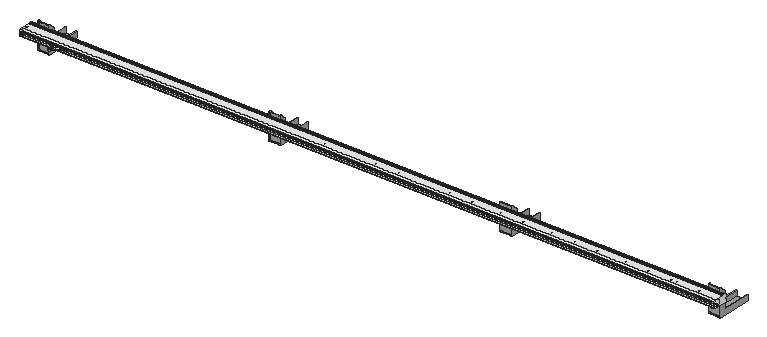
Revit family "FallProtection_RigidRail_Kattsafe_FloorMount_200", category Specialty Equipment, Revit 2025
Family settings
  Round Connector Dimension = Use Diameter
  Part Type = Normal
  OmniClass Number = 23.27.71.21
  Enable Cutting in Views = No
  Cut with Voids When Loaded = No
  Maintain Annotation Orientation = No
  Shared = No
  Room Calculation Point = No
Parameters (values of type "Type 1")
  Uniclass2015Version = "Products v1.23"
  Uniclass2015Title = "Fall arrester devices"
  Uniclass2015Code = "Pr_40_70_75_29"
  URL = "https://kattsafe.com.au/"
  Type IFC Predefined Type = "USERDEFINED"
  Type Comments = "Rigid Rail - Floor Mount - 200mm"
  TrolleyType [instance] = Trolley_Kattsafe : Single Trolley (OH260)
  SupportExtra [instance] = ActualStartSupportInset + ActualFirstSupportSpacing + ((SupportCount - 1) * ActualSupportSpacing) < [built-in parameter 1001306] - 400 mm  # yes
  SupportCount [instance] = roundup(([built-in parameter 1001306] - ActualStartSupportInset - ActualFirstSupportSpacing) / ActualSupportSpacing)  # 2
  SupportArrayCountCalc [instance] = if(SupportCount < 2, 2, SupportCount)  # 2
  SupportArray [instance] = [built-in parameter 1001306] > ActualStartSupportInset + ActualFirstSupportSpacing + ActualSupportSpacing  # yes
  ShowRailJoinSupportZones [instance] = yes
  SafetyDisclaimer [instance] = "WARNING! The correct placement of access, fall protection and facade maintenance systems is critical to ensure it is fit-for-purpose and safe for the operator to use. Did you know Kattsafe® have a dedicated team of Height Safety System Design Specialists? Kattsafe® provide one-on-one consultation and system design assistance to ensure you are meeting the stringent requirements of height safety and to give you PEACE OF MIND with your project."  # constant formula
  RailJoinSupportZoneSingle [instance] = and(ShowRailJoinSupportZones, [built-in parameter 1001306] > 6500 mm, [built-in parameter 1001306] < 12500 mm)  # no
  RailJoinSupportZoneArray [instance] = and(ShowRailJoinSupportZones, [built-in parameter 1001306] > 12500 mm)  # no
  ManufacturerOverallDepth = BracketDepth + 130 mm  # 430 mm
  SecondSupportSingleCalc [instance] = not(SupportArray)  # no
  InternalRailJoinsCalc [instance] = if(InternalRailJoins < 2, 2, InternalRailJoins)  # 2
  InternalRailJoins [instance] = if(1 = 1, roundup(([built-in parameter 1001306] - 500 mm) / 6000 mm) - 1, 0)  # 0
  Export Type to IFC As = "IfcBuildingElementProxy"
  ElementType = "Fall Protection"
  Description = "Rigid rails provide significant spanning capabilities, making them very versatile where there are limited support structures. The high strength aluminium construction, along with the unique t-bolt assembly makes it a very simple and easily adaptable system to install."  # constant formula
  Default Elevation = 0 mm
  BracketDepth = 300 mm  # constant formula
  Assembly Code = "E1090100"
  ActualFirstSupportSpacing [instance] = if(DesiredFirstSupportSpacing < 100 mm, 100 mm, if(DesiredFirstSupportSpacing > [built-in parameter 1001306] - ActualStartSupportInset * 2, [built-in parameter 1001306] - ActualStartSupportInset * 2, if(DesiredFirstSupportSpacing > MaximumSpan, MaximumSpan, DesiredFirstSupportSpacing)))  # 2000 mm
  DesiredFirstSupportSpacing [instance] = 2000 mm
  ActualRailCentreOffset [instance] = if(DesiredRailCentreOffset < 149 mm, 149 mm, if(DesiredRailCentreOffset > 201 mm, 201 mm, DesiredRailCentreOffset))  # 175 mm
  ModifiedIssue = 20240430
  Model = "OH8"
  MaximumSpan [instance] = if(ActualUsersPerSpan = 1, 4000 mm, if(ActualUsersPerSpan = 2, 3200 mm, if(ActualUsersPerSpan = 3, 2500 mm, 2000 mm)))  # 4000 mm
  Material = Aluminum_Kattsafe_Satin
  ManufacturerURLProductSpecific = "https://kattsafe.com.au/products/rigid-rails/rigid-130-rail/Rigid-130-rail-side-floor-mount-200mm-OH8"
  ManufacturerSpecCode = Model  # "OH8"
  ManufacturerOverallLength [instance] = if(1 = 1, [built-in parameter 1001306], 0 mm)  # 6000 mm
  ManufacturerOverallHeight = 230 mm  # constant formula
  ManufacturerHeightFromFFL [instance] = 0 mm
  Manufacturer = "Kattsafe®"  # constant formula
  built-in parameter 1001306 [instance] = 6000 mm
  IfcExportType = "USERDEFINED"
  IfcExportAs = "IfcBuildingElementProxy"
  End2Capped [instance] = no
  End1Capped [instance] = no
  DesiredUsersPerSpan [instance] = 1
  DesiredSupportSpacing [instance] = 2000 mm
  DesiredStartSupportInset [instance] = 100 mm
  DesiredRailCentreOffset [instance] = 175 mm
  CreatedByURL = "https://igsgroup.com.au"
  CreatedBy = "IGS BIM Solutions"  # constant formula
  ActualUsersPerSpan [instance] = if(DesiredUsersPerSpan < 1, 1, if(DesiredUsersPerSpan > 4, 4, DesiredUsersPerSpan))  # 1
  ActualSupportSpacing [instance] = if(DesiredSupportSpacing < 100 mm, 100 mm, if(DesiredSupportSpacing > MaximumSpan, MaximumSpan, DesiredSupportSpacing))  # 2000 mm
  ActualStartSupportInset [instance] = if(DesiredStartSupportInset > 400 mm, 400 mm, if(DesiredStartSupportInset < 50 mm, 50 mm, DesiredStartSupportInset))  # 100 mm
Reference planes
  plane 1 "RailBack": y = 0
  plane 2 "BottomReference": z = 0
  plane 3 "Left": x = 0
  plane 4 "Right": x = 6000
  plane 5 "Bottom": z = 0
  plane 6 "RailFront": y = -130
  plane 7 "1stSupport": x = 100
  plane 8 "2ndSupport": x = 2100
  plane 9 "3rdSupport": x = 4100
  plane 10 "ExtraSupport": x = 5900
  plane 11 "RailCentre": z = 175
  plane 12 "Back": y = 300
  plane 13 "Trolley": x = 300
  plane 14 "Top": z = 230
  plane 15 "RailCentre(Front/Back)": y = -65
  plane 16 "RailJoin1": x = 6000
  plane 17 "RailJoin2": x = 12000
Forms (mm)
  Sweep 1, solid, material "Aluminum_Kattsafe_Satin" <- "Material"
    path origin (0, 0, 175) x (-1, 0, 0) y (0, -1, 0)
      loop
        line (0, 130) -> (-6000, 130)
    profile "Z_Fallprotection_Kattsafe_Rigidrail_130 : Type 1" origin (3000, -130, 175) x (0, 1, 0) y (0, 0, 1)
      loop
        line (25.1, -30) -> (94.75, -30) -> (94.75, -23) -> (106.75, -23) -> (106.75, -30) -> (117, -30) -> (117, -24) -> (124, -24) -> (124, -30) -> (130, -30) -> (130, -10.5) -> (124, -10.5) -> (124, -16.5) -> (117, -16.5) -> (117, -10.5) -> (114, -10.5) -> (114, 10.5) -> (117, 10.5) -> (117, 16.5) -> (124, 16.5) -> (124, 10.5) -> (130, 10.5) -> (130, 30) -> (124, 30) -> (124, 24) -> (117, 24) -> (117, 30) -> (106.75, 30) -> (106.75, 23) -> (94.75, 23) -> (94.75, 30) -> (25.1, 30) -> (3.706, 24.267)
        arc (3.706, 24.267) -> (1.033, 22.482) -> (0, 19.438) r 5
        line (0, 19.438) -> (0, 9.025) -> (4, 9.025) -> (4, 17.903)
        arc (4, 17.903) -> (4.62, 19.729) -> (6.224, 20.801) r 3
        line (6.224, 20.801) -> (25.627, 26) -> (55, 26)
        arc (55, 26) -> (58.536, 24.536) -> (60, 21) r 5
        line (60, 21) -> (60, -21)
        arc (60, -21) -> (58.536, -24.536) -> (55, -26) r 5
        line (55, -26) -> (25.627, -26) -> (6.224, -20.801)
        arc (6.224, -20.801) -> (4.62, -19.729) -> (4, -17.903) r 3
        line (4, -17.903) -> (4, -9.025) -> (0, -9.025) -> (0, -19.438)
        arc (0, -19.438) -> (1.033, -22.482) -> (3.706, -24.267) r 5
        line (3.706, -24.267) -> (25.1, -30)
Lines and regions (mm)
  reference lines
    curve 1: line (0, 0, 0) -> (6000, 0, 0)
Text (mm)
  text "Disclaimer:\nDue to ongoing product development and manufacturing \nevolution, product details are subject to change without \nnotice. Please refer to product technical data sheets on \nthe manufacturers website for the most current product \ninformation. Please allow a +/- 5mm manufacturing \ntolerance for dimensions and set-outs shown in product \nliterature." at (9794.221, -1431.406, 0), in view "Ref. Level"
Dimensions and locks
  "built-in parameter 1001306": plane 3 "Left" to plane 4 "Right"
  "ManufacturerHeightFromFFL": plane 5 "Bottom" to plane 2 "BottomReference"
  locked: plane 1 "RailBack" to plane 6 "RailFront" at 130
  "ActualStartSupportInset": plane 7 "1stSupport" to plane 3 "Left"
  "ActualFirstSupportSpacing": plane 8 "2ndSupport" to plane 7 "1stSupport"
  "ActualSupportSpacing": plane 9 "3rdSupport" to plane 8 "2ndSupport"
  group 1 to group 2 = 2000 mm
  group 1 to group 2 = 0 mm  (x2)
  "ActualStartSupportInset": plane 4 "Right" to plane 10 "ExtraSupport"
  "ActualRailCentreOffset": plane 11 "RailCentre" to plane 5 "Bottom"
  "BracketDepth": plane 12 "Back" to plane 1 "RailBack"
  locked: plane 3 "Left" to plane 13 "Trolley" at 300
  "ManufacturerOverallHeight": plane 14 "Top" to plane 5 "Bottom"
  group 3 to group 4 = 6000 mm
  group 4 to group 3 = 0 mm
  group 3 to group 4 = 0 mm
  equal spacing: plane 6 "RailFront", plane 15 "RailCentre(Front/Back)", plane 1 "RailBack"
  plane 17 "RailJoin2" to plane 16 "RailJoin1" to plane 3 "Left" = 6000 mm locked, 6000 mm locked
  aligned and locked: plane 4 "Right" to curve 1
  aligned and locked: plane 1 "RailBack" to curve 1
  aligned and locked: plane 3 "Left" to curve 1
  aligned and locked: level to plane 2 "BottomReference"
  aligned and locked: plane 3 "Left" to Sweep 1 sketch curve
  aligned and locked: plane 4 "Right" to Sweep 1 sketch curve
  aligned and locked: Sweep 1 sketch curve to plane 6 "RailFront"
  aligned and locked: plane 9 "3rdSupport" to nested 3
  aligned and locked: nested 1 to plane 5 "Bottom"
  aligned and locked: plane 5 "Bottom" to nested 4
  aligned and locked: plane 5 "Bottom" to nested 2
  aligned and locked: plane 5 "Bottom" to nested 3
  aligned and locked: plane 5 "Bottom" to nested 5
  aligned and locked: nested 1 to plane 7 "1stSupport"
  aligned and locked: nested 2 to plane 8 "2ndSupport"
  aligned and locked: nested 4 to plane 8 "2ndSupport"
  aligned and locked: nested 5 to plane 10 "ExtraSupport"
  aligned and locked: nested 1 to plane 1 "RailBack"
  aligned and locked: nested 4 to plane 1 "RailBack"
  aligned and locked: nested 2 to plane 1 "RailBack"
  aligned and locked: nested 3 to plane 1 "RailBack"
  aligned and locked: nested 5 to plane 1 "RailBack"
  aligned and locked: plane 11 "RailCentre" to nested 6
  aligned and locked: nested 7 to plane 11 "RailCentre"
  aligned and locked: nested 7 to plane 1 "RailBack"
  aligned and locked: nested 6 to plane 1 "RailBack"
  aligned and locked: nested 8 to plane 6 "RailFront"
  aligned and locked: plane 13 "Trolley" to nested 8
  aligned and locked: plane 15 "RailCentre(Front/Back)" to nested 9
  aligned and locked: plane 15 "RailCentre(Front/Back)" to nested 10
  aligned and locked: plane 15 "RailCentre(Front/Back)" to nested 11
  aligned and locked: nested 9 to plane 11 "RailCentre"
  aligned and locked: nested 10 to plane 11 "RailCentre"
  aligned and locked: nested 11 to plane 11 "RailCentre"
  aligned and locked: plane 17 "RailJoin2" to nested 11
  aligned and locked: plane 16 "RailJoin1" to nested 10
  aligned and locked: plane 16 "RailJoin1" to nested 9
Nested families
  nested 1: "Z_Mount_Kattsafe_Rigidrail_Floor" at (100, 300, 0) x (-1, 0, 0) z (0, 0, 1), type "Type 1"
    with ManufacturerHeightFromFFL 0 mm
  nested 2: "Z_Mount_Kattsafe_Rigidrail_Floor" at (2100, 300, 0) x (-1, 0, 0) z (0, 0, 1), visible <- "SupportArray", type "Type 1"
    with ManufacturerHeightFromFFL 0 mm
  nested 3: "Z_Mount_Kattsafe_Rigidrail_Floor" at (4100, 300, 0) x (-1, 0, 0) z (0, 0, 1), visible <- "SupportArray", type "Type 1"
    with ManufacturerHeightFromFFL 0 mm
  nested 4: "Z_Mount_Kattsafe_Rigidrail_Floor" at (2100, 300, 0) x (-1, 0, 0) z (0, 0, 1), visible <- "SecondSupportSingleCalc", type "Type 1"
    with ManufacturerHeightFromFFL 0 mm
  nested 5: "Z_Mount_Kattsafe_Rigidrail_Floor" at (5900, 300, 0) x (-1, 0, 0) z (0, 0, 1), visible <- "SupportExtra", type "Type 1"
    with ManufacturerHeightFromFFL 0 mm
  nested 6: "Z_Kattsafe_Rigidrail_130_Endcap" at (0, -130, 175) x (0, 0, 1) z (-1, 0, 0), visible <- "End1Capped", type "Type 1"
  nested 7: "Z_Kattsafe_Rigidrail_130_Endcap" at (6000, -130, 175) x (0, 0, -1) z (1, 0, 0), visible <- "End2Capped", type "Type 1"
  nested 8: "Trolley_Kattsafe" at (300, -130, 175), type <- "TrolleyType", type "Single Trolley (OH260)"
  nested 9: "z_Clearance_Kattsafe_RailJoin" at (6000, -65, 175), visible <- "RailJoinSupportZoneSingle", type "Type 1"
  nested 10: "z_Clearance_Kattsafe_RailJoin" at (6000, -65, 175), visible <- "RailJoinSupportZoneArray", type "Type 1"
  nested 11: "z_Clearance_Kattsafe_RailJoin" at (12000, -65, 175), visible <- "RailJoinSupportZoneArray", type "Type 1"
Definition of nested family "Z_Mount_Kattsafe_Rigidrail_Floor"
  Parameters (values of type "Type 1")
    URL = "https://kattsafe.com.au/"
    Thickness = if([100Bracket], 10 mm, 6 mm)  # 6 mm
    OuterRadiusCalc = Thickness * 2  # 12 mm
    ManufacturerOverallWidth = 100 mm  # constant formula
    ManufacturerOverallHeight = if([100Bracket], 105 mm, 230 mm)  # 230 mm
    ManufacturerOverallDepth = if([100Bracket], 105 mm, 300 mm)  # 300 mm
    ManufacturerHeightFromFFL [instance] = 0 mm  # constant formula
    Manufacturer = "SAYFA"  # constant formula
    Default Elevation = 1219.2 mm
    CreatedByURL = "https://igsgroup.com.au"
    CreatedBy = "IGS BIM Solutions"  # constant formula
    200Bracket = not([100Bracket])  # yes
    100Bracket = no
  Reference planes
    plane 1 "Centre (Front/Back)": y = 150
    plane 2 "Ref. Level": z = 0
    plane 3 "Centre (Left/Right)": x = 0
    plane 4 "Back": y = 300
    plane 5 "Front": y = 0
    plane 6 "Right": x = 50
    plane 7 "Left": x = -50
    plane 8 "Bottom": z = 0
    plane 9 "Centre (Elevation)": z = 115
    plane 10 "Top": z = 230
  Forms (mm)
    Extrusion 1, solid, visible <- "100Bracket"
      sketch origin (0, 0, 0) x (0, 1, 0) y (0, 0, 1)
        loop
          line (300, 230) -> (294, 230) -> (294, 12)
          arc (294, 12) -> (292.243, 7.757) -> (288, 6) r 6
          line (288, 6) -> (0, 6) -> (0, 0) -> (288, 0)
          arc (288, 0) -> (296.485, 3.515) -> (300, 12) r 12
          line (300, 12) -> (300, 230)
      from -50 to 50
    Extrusion 2, void
      sketch origin (0, 150, 0) x (1, 0, 0) y (0, 0, 1)
        loop
          line (-50, 230) -> (-50, 220)
          arc (-50, 220) -> (-47.071, 227.071) -> (-40, 230) r 10
          line (-40, 230) -> (-50, 230)
        loop
          line (50, 230) -> (40, 230)
          arc (40, 230) -> (47.071, 227.071) -> (50, 220) r 10
          line (50, 220) -> (50, 230)
      from -150 to -144
    Extrusion 3, void
      sketch origin (0, 0, 0) x (0, -1, 0) y (1, 0, 0)
        loop
          line (-10, -50) -> (0, -50) -> (0, -40)
          arc (0, -40) -> (-2.929, -47.071) -> (-10, -50) r 10
        loop
          arc (-10, 50) -> (-2.929, 47.071) -> (0, 40) r 10
          line (0, 40) -> (0, 50) -> (-10, 50)
      from 0 to 6
    Extrusion 4, solid, visible <- "200Bracket"
      sketch origin (0, 0, 0) x (0, 1, 0) y (0, 0, 1)
        loop
          line (300, 230) -> (288, 230) -> (250, 192) -> (250, 50) -> (0, 50) -> (0, 0) -> (288, 0)
          arc (288, 0) -> (296.485, 3.515) -> (300, 12) r 12
          line (300, 12) -> (300, 230)
      from -50 to 50
    Extrusion 5, void
      sketch origin (0, 0, 0) x (1, 0, 0) y (0, 1, 0)
        loop
          line (-44, 294) -> (-44, 0) -> (44, 0) -> (44, 294) -> (-44, 294)
      from 6 to 230
  Cuts and joins
    Extrusion 2, Extrusion 3 cuts Extrusion 1
    Extrusion 5 cuts Extrusion 4
  Lines and regions (mm)
    Masking region 1, visible <- "200Bracket"
      outline origin (0, 0, 0) x (1, 0, 0) y (0, 1, 0)
        loop
          arc (-38, 300) -> (-46.485, 296.485) -> (-50, 288) r 12
          line (-50, 288) -> (-50, 0) -> (50, 0) -> (50, 288)
          arc (50, 288) -> (46.485, 296.485) -> (38, 300) r 12
          line (38, 300) -> (-38, 300)
    Masking region 2, visible <- "100Bracket"
      outline origin (0, 0, 0) x (1, 0, 0) y (0, 1, 0)
        loop
          line (50, 300) -> (-50, 300) -> (-50, 10)
          arc (-50, 10) -> (-47.071, 2.929) -> (-40, 0) r 10
          line (-40, 0) -> (40, 0)
          arc (40, 0) -> (47.071, 2.929) -> (50, 10) r 10
          line (50, 10) -> (50, 300)
    symbolic lines, visible <- "200Bracket"
      curve 1: line (-44, 288, 0) -> (-44, 0, 0)
      curve 2: line (44, 0, 0) -> (44, 288, 0)
      curve 3: line (38, 294, 0) -> (-38, 294, 0)
      curve 4: arc (-44, 288, 0) -> (-42.243, 292.243, 0) -> (-38, 294, 0) r 6
      curve 5: arc (38, 294, 0) -> (42.243, 292.243, 0) -> (44, 288, 0) r 6
    symbolic lines, visible <- "100Bracket"
      curve 6: line (-50, 294, 0) -> (50, 294, 0)
  Text (mm)
    text "Disclaimer:\nDue to ongoing product development and manufacturing \nevolution, product details are subject to change without \nnotice. Please refer to product technical data sheets on \nthe manufacturers website for the most current product \ninformation. Please allow a +/- 5mm manufacturing \ntolerance for dimensions and set-outs shown in product \nliterature." at (985.527, 159.228, 0), in view "Ref. Level"
  Dimensions and locks
    equal spacing: plane 7 "Left", plane 3 "Centre (Left/Right)", plane 6 "Right"
    "ManufacturerOverallWidth": plane 7 "Left" to plane 6 "Right"
    equal spacing: plane 5 "Front", plane 1 "Centre (Front/Back)", plane 4 "Back"
    "ManufacturerOverallDepth": plane 5 "Front" to plane 4 "Back"
    equal spacing: plane 10 "Top", plane 9 "Centre (Elevation)", plane 8 "Bottom"
    "ManufacturerOverallHeight": plane 10 "Top" to plane 8 "Bottom"
    "ManufacturerHeightFromFFL": plane 8 "Bottom" to plane 2 "Ref. Level"
    "Thickness": plane 4 "Back" to Extrusion 1 sketch curve
    "Thickness": plane 8 "Bottom" to Extrusion 1 sketch curve
    locked: plane 4 "Back" to Extrusion 4 sketch curve at 50
    locked: plane 8 "Bottom" to Extrusion 4 sketch curve at 50
    locked: plane 7 "Left" to Extrusion 5 sketch curve at 6
    locked: Extrusion 5 sketch curve to plane 6 "Right" at 6
    locked: Extrusion 5 sketch curve to plane 4 "Back" at 6
    "Thickness": radius of Extrusion 1 sketch curve
    "OuterRadiusCalc": radius of Extrusion 1 sketch curve
    radius of Extrusion 2 sketch curve = 10 mm  (x2)
    radius of Extrusion 3 sketch curve = 10 mm  (x2)
    radius of Extrusion 4 sketch curve = 12 mm
    radius of Masking region 1 sketch curve = 12 mm  (x2)
    radius of curve 5 = 6 mm
    radius of curve 4 = 6 mm
    radius of Masking region 2 sketch curve = 10 mm  (x2)
    locked: Extrusion 4 sketch curve to plane 10 "Top" (angle 45.00°)
    aligned and locked: level to plane 2 "Ref. Level"
    aligned and locked: plane 4 "Back" to Extrusion 1 sketch curve
    aligned and locked: plane 10 "Top" to Extrusion 1 sketch curve
    aligned and locked: Extrusion 1 sketch curve to plane 8 "Bottom"
    aligned and locked: Extrusion 1 sketch curve to plane 5 "Front"
    aligned and locked: Extrusion 1 to plane 7 "Left"
    aligned and locked: plane 6 "Right" to Extrusion 1
    aligned and locked: Extrusion 2 sketch curve to plane 7 "Left"
    aligned and locked: plane 10 "Top" to Extrusion 2 sketch curve
    aligned and locked: Extrusion 2 sketch curve to plane 10 "Top"
    aligned and locked: Extrusion 2 sketch curve to plane 6 "Right"
    aligned and locked: Extrusion 2 to plane 4 "Back"
    aligned and locked: Extrusion 1 to Extrusion 2
    aligned and locked: Extrusion 3 sketch curve to plane 7 "Left"
    aligned and locked: plane 5 "Front" to Extrusion 3 sketch curve
    aligned and locked: Extrusion 3 sketch curve to plane 5 "Front"
    aligned and locked: Extrusion 3 sketch curve to plane 6 "Right"
    aligned and locked: plane 8 "Bottom" to Extrusion 3
    aligned and locked: Extrusion 3 to cut or joined group of Extrusion 1, Extrusion 2, Extrusion 3
    aligned and locked: Extrusion 4 sketch curve to plane 8 "Bottom"
    aligned and locked: Extrusion 4 sketch curve to plane 5 "Front"
    aligned and locked: plane 10 "Top" to Extrusion 4 sketch curve
    aligned and locked: plane 4 "Back" to Extrusion 4 sketch curve
    aligned and locked: Extrusion 4 to plane 7 "Left"
    aligned and locked: plane 6 "Right" to Extrusion 4
    aligned and locked: Extrusion 5 sketch curve to plane 5 "Front"
    aligned and locked: Extrusion 5 to plane 10 "Top"
    aligned and locked: Masking region 1 sketch curve to plane 6 "Right"
    aligned and locked: plane 7 "Left" to Masking region 1 sketch curve
    aligned and locked: Masking region 1 sketch curve to plane 5 "Front"
    aligned and locked: plane 4 "Back" to Masking region 1 sketch curve
    aligned and locked: Masking region 2 sketch curve to plane 4 "Back"
    aligned and locked: Masking region 2 sketch curve to plane 5 "Front"
    aligned and locked: Masking region 2 sketch curve to plane 6 "Right"
    aligned and locked: Masking region 2 sketch curve to plane 7 "Left"
    aligned and locked: curve 6 to cut or joined group of Extrusion 1, Extrusion 2, Extrusion 3
  Automatic sketch dimensions
    plane 5 "Front" to curve 1 = 0 mm
    plane 5 "Front" to curve 2 = 0 mm
    plane 7 "Left" to curve 1 = 6 mm
    curve 6 to plane 7 "Left" = 0 mm
    curve 6 to plane 6 "Right" = 0 mm
    plane 4 "Back" to Extrusion 4 sketch curve = 12 mm
    plane 4 "Back" to curve 3 = 6 mm
    curve 3 to plane 6 "Right" = 12 mm
Definition of nested family "Z_Kattsafe_Rigidrail_130_Endcap"
  Parameters (values of type "Type 1")
    URL = "https://kattsafe.com.au/"
    Manufacturer = "Kattsafe®"
    EndBracket = yes
    Default Elevation = 1219.2 mm
  Reference planes
    plane 1 "Center (Front/Back)": y = 0
    plane 2: z = 0
    plane 3 "Center (Left/Right)": x = 0
  Forms (mm)
    Extrusion 1, solid
      sketch origin (0, 0, 0) x (1, 0, 0) y (0, 1, 0)
        loop
          line (-1219.2, 1219.2) -> (-1219.2, -1219.2) -> (1219.2, -1219.2) -> (1219.2, 1219.2) -> (-1219.2, 1219.2)
      from 0 to -304.8
    Extrusion 2, solid, visible <- "EndBracket"
      sketch origin (-1824, 130, 1039.649) x (0, 0, 1) y (-1, 0, 0)
        loop
          line (-1074.649, -1794) -> (-1039.649, -1794) -> (-1039.649, -1854.25) -> (-1074.649, -1854.25) -> (-1074.649, -1857.25) -> (-1036.649, -1857.25) -> (-1036.649, -1790.75) -> (-1074.649, -1790.75) -> (-1074.649, -1794)
      from 0 to 105
    Extrusion 3, solid, visible <- "EndBracket"
      sketch origin (0, 0, 0) x (1, 0, 0) y (0, 1, 0)
        loop
          line (24.498, 3.697) -> (27.25, 13.889)
          spline (27.25, 13.889) -> (28.033, 14.815) -> (28.803, 15.741) -> (29.546, 16.667) -> (30.25, 17.593) -> (30.903, 18.519) -> (31.493, 19.444) -> (32.01, 20.37) -> (32.446, 21.296) -> (32.793, 22.222) -> (33.045, 23.148) -> (33.198, 24.074) -> (33.25, 25)
          line (33.25, 25) -> (-33.25, 25)
          spline (-33.25, 25) -> (-33.198, 24.074) -> (-33.045, 23.148) -> (-32.793, 22.222) -> (-32.446, 21.296) -> (-32.01, 20.37) -> (-31.492, 19.444) -> (-30.902, 18.519) -> (-30.249, 17.593) -> (-29.546, 16.667) -> (-28.803, 15.741) -> (-28.033, 14.815) -> (-27.25, 13.889)
          line (-27.25, 13.889) -> (-24.498, 3.697)
          arc (-24.498, 3.697) -> (-22.711, 1.03) -> (-19.671, 0) r 5
          line (-19.671, 0) -> (19.671, 0)
          arc (19.671, 0) -> (22.711, 1.03) -> (24.498, 3.697) r 5
      from 0 to 3
    Extrusion 4, void
      sketch origin (0, 0, 0) x (1, 0, 0) y (0, 0, 1)
        loop
          line (-33.25, 3) -> (-33.25, -3)
          arc (-33.25, -3) -> (-31.493, 1.243) -> (-27.25, 3) r 6
          line (-27.25, 3) -> (-33.25, 3)
        loop
          line (33.25, 3) -> (27.25, 3)
          arc (27.25, 3) -> (31.493, 1.243) -> (33.25, -3) r 6
          line (33.25, -3) -> (33.25, 3)
      from -130 to 0
  Cuts and joins
    Extrusion 4 cuts Extrusion 2
    Extrusion 4 cuts Extrusion 3
    joined: Extrusion 2, Extrusion 3
  Dimensions and locks
    locked: Extrusion 2 sketch curve to Extrusion 2 sketch curve at 66.5
    locked: Extrusion 2 sketch curve to Extrusion 2 sketch curve at 3.25
    locked: Extrusion 2 sketch curve to Extrusion 2 sketch curve at 3
    aligned and locked: plane 2 to Extrusion 1
    aligned and locked: level to Extrusion 1
    aligned and locked: Extrusion 2 sketch curve to Extrusion 2 sketch curve
    aligned and locked: Extrusion 3 to Extrusion 2
    aligned and locked: Extrusion 4 to cut or joined group of Extrusion 2, Extrusion 3, Extrusion 4  (x2)
Definition of nested family "Trolley_Kattsafe"
  Parameters (values of type "Single Trolley (OH260)")
    URL = "https://kattsafe.com.au/"
    SingleTrolley = yes
    RollerOffsetCalc = if(DoubleRollers, 75 mm, 47 mm)  # 47 mm
    Model = "OH260"
    Material = none
    ManufacturerOverallWidth = if(SingleTrolley, 150 mm, 206 mm)  # 150 mm
    ManufacturerOverallHeight = 119 mm
    ManufacturerOverallDepth = 49 mm
    Manufacturer = "SAYFA"  # constant formula
    DualTrolley = no
    DualOffsetTrolley = no
    DualMultiTrolley = no
    DoubleRollers = not(SingleTrolley)  # no
    Default Elevation = 1219.2 mm
    CreatedByURL = "https://igsgroup.com.au"
    CreatedBy = "IGS BIM Solutions"  # constant formula
  Types (4, lengths in mm): name | SingleTrolley | RollerOffsetCalc | Model | ManufacturerOverallWidth | ManufacturerOverallHeight | DualTrolley | DualOffsetTrolley | DualMultiTrolley | DoubleRollers
    Single Trolley (OH260) | yes | 47 | "OH260" | 150 | 119 | no | no | no | no
    Dual Trolley (OH261A) | no | 75 | "OH261A" | 206 | 134 | yes | no | no | yes
    Dual Offset Trolley (OH261F) | no | 75 | "OH261F" | 206 | 122 | no | yes | no | yes
    Dual Multi Trolley (OH261M) | no | 75 | "OH261M" | 206 | 77 | no | no | yes | yes
  Reference planes
    plane 1 "Centre (Front/Back)": y = 0
    plane 2 "Ref. Level": y = 0
    plane 3 "Centre (Left/Right)": x = 0
    plane 4 "RailBottom": z = 0
  Forms (mm)
    Extrusion 1, solid, material <- "Material", detail levels medium+fine
      sketch origin (0, -42.75, 0) x (1, 0, 0) y (0, 1, 0)
        loop
          circle (-47, 74.555) r 26
        loop
          circle (47, 74.555) r 26
      from -18 to -3
    Extrusion 2, solid, material <- "Material", visible <- "DoubleRollers", detail levels medium+fine
      sketch origin (-6.323, 32.684, 0) x (1, 0, 0) y (0, 1, 0)
        loop
          circle (-24.927, 12.316) r 15
        loop
          circle (37.573, 12.316) r 15
      from -12 to -3
    Extrusion 3, solid, material <- "Material", visible <- "SingleTrolley", detail levels medium+fine
      sketch origin (-50.585, -29.555, 0) x (1, 0, 0) y (0, 1, 0)
        loop
          circle (50.585, 74.555) r 15
      from -12 to -3
    Extrusion 4, solid, material <- "Material", visible <- "DualTrolley"
      sketch origin (-28, -2.8, 0) x (1, 0, 0) y (0, 1, 0)
        loop
          line (-75, 46.8) -> (-75, 3.645)
          arc (-75, 3.645) -> (-73.478, -4.009) -> (-69.142, -10.497) r 20
          line (-69.142, -10.497) -> (-14.142, -65.497)
          arc (-14.142, -65.497) -> (-6.487, -70.274) -> (2.487, -71.2) r 20
          line (2.487, -71.2) -> (56.155, -71.2)
          arc (56.155, -71.2) -> (63.809, -69.678) -> (70.297, -65.342) r 20
          line (70.297, -65.342) -> (125.142, -10.497)
          arc (125.142, -10.497) -> (129.478, -4.009) -> (131, 3.645) r 20
          line (131, 3.645) -> (131, 46.8)
          arc (131, 46.8) -> (128.071, 53.871) -> (121, 56.8) r 10
          line (121, 56.8) -> (-65, 56.8)
          arc (-65, 56.8) -> (-72.071, 53.871) -> (-75, 46.8) r 10
        loop
          line (-24.657, -38.012) -> (-5.812, -56.857)
          arc (-5.812, -56.857) -> (-3.217, -58.591) -> (-0.155, -59.2) r 8
          line (-0.155, -59.2) -> (16, -59.2)
          arc (16, -59.2) -> (21.657, -56.857) -> (24, -51.2) r 8
          line (24, -51.2) -> (24, -32.355)
          arc (24, -32.355) -> (21.657, -26.698) -> (16, -24.355) r 8
          line (16, -24.355) -> (-19, -24.355)
          arc (-19, -24.355) -> (-26.391, -29.294) -> (-24.657, -38.012) r 8
        loop
          arc (80.657, -38.012) -> (82.391, -29.294) -> (75, -24.355) r 8
          line (75, -24.355) -> (40, -24.355)
          arc (40, -24.355) -> (34.343, -26.698) -> (32, -32.355) r 8
          line (32, -32.355) -> (32, -51.2)
          arc (32, -51.2) -> (34.343, -56.857) -> (40, -59.2) r 8
          line (40, -59.2) -> (56.155, -59.2)
          arc (56.155, -59.2) -> (59.217, -58.591) -> (61.812, -56.857) r 8
          line (61.812, -56.857) -> (80.657, -38.012)
      from -3 to 3
    Extrusion 5, solid, material <- "Material", visible <- "SingleTrolley", detail levels medium+fine
      sketch origin (-50.585, -29.555, 0) x (0, -1, 0) y (1, 0, 0)
        loop
          circle (-74.555, 50.585) r 15
      from -12 to -3
    Extrusion 6, solid, material <- "Material", visible <- "DualOffsetTrolley"
      sketch origin (0, 0, 0) x (0, 0, -1) y (0, 1, 0)
        loop
          line (-3, 54) -> (-3, -0.404)
          arc (-3, -0.404) -> (-3.457, -2.701) -> (-4.757, -4.647) r 6
          line (-4.757, -4.647) -> (-57.811, -57.701) -> (-53.569, -61.944) -> (-0.515, -8.89)
          arc (-0.515, -8.89) -> (2.087, -4.997) -> (3, -0.404) r 12
          line (3, -0.404) -> (3, 54) -> (-3, 54)
      from -103 to 103
    Extrusion 7, void
      sketch origin (0, -4.647, 4.757) x (0, -0.707107, 0.707107) y (1, 0, 0)
        loop
          arc (14.327, -97.142) -> (7.838, -101.478) -> (0.185, -103) r 20
          line (0.185, -103) -> (75.029, -103) -> (75.029, -30.487)
          arc (75.029, -30.487) -> (73.15, -36.79) -> (69.327, -42.142) r 20
          line (69.327, -42.142) -> (14.327, -97.142)
        loop
          line (14.327, 97.142) -> (69.172, 42.297)
          arc (69.172, 42.297) -> (73.507, 35.809) -> (75.029, 28.155) r 20
          line (75.029, 28.155) -> (75.029, 103) -> (0.185, 103)
          arc (0.185, 103) -> (7.838, 101.478) -> (14.327, 97.142) r 20
        loop
          line (41.842, -52.657) -> (60.686, -33.812)
          arc (60.686, -33.812) -> (62.42, -31.217) -> (63.029, -28.155) r 8
          line (63.029, -28.155) -> (63.029, -12)
          arc (63.029, -12) -> (60.686, -6.343) -> (55.029, -4) r 8
          line (55.029, -4) -> (36.185, -4)
          arc (36.185, -4) -> (30.528, -6.343) -> (28.185, -12) r 8
          line (28.185, -12) -> (28.185, -47)
          arc (28.185, -47) -> (33.123, -54.391) -> (41.842, -52.657) r 8
        loop
          arc (41.842, 52.657) -> (33.123, 54.391) -> (28.185, 47) r 8
          line (28.185, 47) -> (28.185, 12)
          arc (28.185, 12) -> (30.528, 6.343) -> (36.185, 4) r 8
          line (36.185, 4) -> (55.029, 4)
          arc (55.029, 4) -> (60.686, 6.343) -> (63.029, 12) r 8
          line (63.029, 12) -> (63.029, 28.155)
          arc (63.029, 28.155) -> (62.42, 31.217) -> (60.686, 33.812) r 8
          line (60.686, 33.812) -> (41.842, 52.657)
      from -6 to 0
    Extrusion 8, void
      sketch origin (-1, 27, 74.239) x (0, -0.707107, -0.707107) y (1, 0, 0)
        loop
          line (45.12, -96.142) -> (-9.88, -41.142)
          arc (-9.88, -41.142) -> (-13.703, -35.79) -> (-15.582, -29.487) r 20
          line (-15.582, -29.487) -> (-15.582, -102) -> (59.262, -102)
          arc (59.262, -102) -> (51.609, -100.478) -> (45.12, -96.142) r 20
        loop
          arc (45.12, 98.142) -> (51.609, 102.478) -> (59.262, 104) r 20
          line (59.262, 104) -> (-15.582, 104) -> (-15.582, 29.155)
          arc (-15.582, 29.155) -> (-14.06, 36.809) -> (-9.725, 43.297) r 20
          line (-9.725, 43.297) -> (45.12, 98.142)
        loop
          arc (17.605, -51.657) -> (26.324, -53.391) -> (31.262, -46) r 8
          line (31.262, -46) -> (31.262, -11)
          arc (31.262, -11) -> (28.919, -5.343) -> (23.262, -3) r 8
          line (23.262, -3) -> (4.418, -3)
          arc (4.418, -3) -> (-1.239, -5.343) -> (-3.582, -11) r 8
          line (-3.582, -11) -> (-3.582, -27.155)
          arc (-3.582, -27.155) -> (-2.973, -30.217) -> (-1.239, -32.812) r 8
          line (-1.239, -32.812) -> (17.605, -51.657)
        loop
          line (17.605, 53.657) -> (-1.239, 34.812)
          arc (-1.239, 34.812) -> (-2.973, 32.217) -> (-3.582, 29.155) r 8
          line (-3.582, 29.155) -> (-3.582, 13)
          arc (-3.582, 13) -> (-1.239, 7.343) -> (4.418, 5) r 8
          line (4.418, 5) -> (23.262, 5)
          arc (23.262, 5) -> (28.919, 7.343) -> (31.262, 13) r 8
          line (31.262, 13) -> (31.262, 48)
          arc (31.262, 48) -> (26.324, 55.391) -> (17.605, 53.657) r 8
      from 0 to 6
    Extrusion 9, solid, material <- "Material", detail levels medium+fine
      sketch origin (0, -42.75, 0) x (1, 0, 0) y (0, 1, 0)
        loop
          circle (-47, 74.555) r 26
        loop
          circle (47, 74.555) r 26
      from 3 to 18
    Extrusion 10, solid, material <- "Material", visible <- "DoubleRollers", detail levels medium+fine
      sketch origin (-6.323, 32.684, 0) x (1, 0, 0) y (0, 1, 0)
        loop
          circle (-24.927, 12.316) r 15
        loop
          circle (37.573, 12.316) r 15
      from 3 to 12
    Extrusion 11, solid, material <- "Material", visible <- "SingleTrolley", detail levels medium+fine
      sketch origin (-50.585, -29.555, 0) x (1, 0, 0) y (0, 1, 0)
        loop
          circle (50.585, 74.555) r 15
      from 3 to 12
    Extrusion 12, solid, material <- "Material", visible <- "DualMultiTrolley"
      sketch origin (0, 0, 0) x (0, 1, 0) y (0, 0, 1)
        loop
          line (54, 3) -> (-6, 3)
          arc (-6, 3) -> (-10.243, 4.757) -> (-12, 9) r 6
          line (-12, 9) -> (-12, 32.754)
          arc (-12, 32.754) -> (-11.543, 35.05) -> (-10.243, 36.997) r 6
          line (-10.243, 36.997) -> (38.018, 85.258) -> (33.776, 89.5) -> (-14.485, 41.239)
          arc (-14.485, 41.239) -> (-17.087, 37.346) -> (-18, 32.754) r 12
          line (-18, 32.754) -> (-18, 9)
          arc (-18, 9) -> (-14.485, 0.515) -> (-6, -3) r 12
          line (-6, -3) -> (54, -3) -> (54, 3)
      from -103 to 103
    Extrusion 13, solid, material <- "Material", visible <- "SingleTrolley"
      sketch origin (0, 0, 0) x (1, 0, 0) y (0, 1, 0)
        loop
          line (-75, 44) -> (-75, 16)
          arc (-75, 16) -> (-73.478, 8.346) -> (-69.142, 1.858) r 20
          line (-69.142, 1.858) -> (-14.142, -53.142)
          arc (-14.142, -53.142) -> (0, -59) -> (14.142, -53.142) r 20
          line (14.142, -53.142) -> (69.142, 1.858)
          arc (69.142, 1.858) -> (73.478, 8.346) -> (75, 16) r 20
          line (75, 16) -> (75, 44)
          arc (75, 44) -> (72.071, 51.071) -> (65, 54) r 10
          line (65, 54) -> (-65, 54)
          arc (-65, 54) -> (-72.071, 51.071) -> (-75, 44) r 10
        loop
          line (-24.657, -25.657) -> (-5.657, -44.657)
          arc (-5.657, -44.657) -> (0, -47) -> (5.657, -44.657) r 8
          line (5.657, -44.657) -> (24.657, -25.657)
          arc (24.657, -25.657) -> (26.391, -16.939) -> (19, -12) r 8
          line (19, -12) -> (-19, -12)
          arc (-19, -12) -> (-26.391, -16.939) -> (-24.657, -25.657) r 8
      from -3 to 3
  Cuts and joins
    Extrusion 7, Extrusion 8 cuts Extrusion 6
    Extrusion 8 cuts Extrusion 12
  Text (mm)
    text "Disclaimer:\nDue to ongoing product development and manufacturing \nevolution, product details are subject to change without \nnotice. Please refer to product technical data sheets on \nthe manufacturers website for the most current product \ninformation. Please allow a +/- 5mm manufacturing \ntolerance for dimensions and set-outs shown in product \nliterature." at (985.527, 159.228, 0), in view "Ref. Level"
  Dimensions and locks
    Extrusion 4 sketch curve to plane 3 "Centre (Left/Right)" to Extrusion 4 sketch curve = 103 mm locked, 103 mm locked
    locked: Extrusion 6 sketch curve to Extrusion 6 sketch curve at 6
    "RollerOffsetCalc": plane 3 "Centre (Left/Right)" to Extrusion 1 sketch curve
    "RollerOffsetCalc": Extrusion 1 sketch curve to plane 3 "Centre (Left/Right)"
    "RollerOffsetCalc": Extrusion 9 sketch curve to plane 3 "Centre (Left/Right)"
    "RollerOffsetCalc": plane 3 "Centre (Left/Right)" to Extrusion 9 sketch curve
    locked: Extrusion 12 sketch curve to Extrusion 12 sketch curve at 6
    Extrusion 13 sketch curve to plane 3 "Centre (Left/Right)" to Extrusion 13 sketch curve = 75 mm locked, 75 mm locked
    radius of Extrusion 1 sketch curve = 26 mm  (x2)
    radius of Extrusion 2 sketch curve = 15 mm  (x2)
    radius of Extrusion 3 sketch curve = 15 mm
    radius of Extrusion 4 sketch curve = 10 mm  (x2)
    radius of Extrusion 4 sketch curve = 20 mm  (x4)
    radius of Extrusion 4 sketch curve = 8 mm  (x7)
    radius of Extrusion 5 sketch curve = 15 mm
    radius of Extrusion 6 sketch curve = 6 mm
    radius of Extrusion 6 sketch curve = 12 mm
    radius of Extrusion 7 sketch curve = 20 mm  (x2)
    radius of Extrusion 7 sketch curve = 8 mm  (x7)
    radius of Extrusion 8 sketch curve = 20 mm  (x2)
    radius of Extrusion 8 sketch curve = 8 mm  (x7)
    radius of Extrusion 9 sketch curve = 26 mm  (x2)
    radius of Extrusion 10 sketch curve = 15 mm  (x2)
    radius of Extrusion 11 sketch curve = 15 mm
    radius of Extrusion 12 sketch curve = 12 mm  (x2)
    radius of Extrusion 12 sketch curve = 6 mm  (x2)
    radius of Extrusion 13 sketch curve = 10 mm  (x2)
    radius of Extrusion 13 sketch curve = 20 mm  (x3)
    radius of Extrusion 13 sketch curve = 8 mm  (x3)
    aligned and locked: plane 3 "Centre (Left/Right)" to Extrusion 3 sketch curve
    aligned and locked: Extrusion 3 to Extrusion 1
    aligned and locked: cut or joined group of Extrusion 6, Extrusion 7, Extrusion 8 to Extrusion 7
    aligned and locked: Extrusion 7 to cut or joined group of Extrusion 6, Extrusion 7, Extrusion 8
    aligned and locked: Extrusion 9 to Extrusion 4
    aligned and locked: Extrusion 10 to Extrusion 4
    aligned and locked: Extrusion 10 to Extrusion 11
    aligned and locked: Extrusion 11 to Extrusion 4
    aligned and locked: Extrusion 8 to Extrusion 12  (x2)
    aligned and locked: Extrusion 12 to Extrusion 4  (x2)
    aligned and locked: Extrusion 13 to Extrusion 1
    aligned and locked: Extrusion 4 to Extrusion 13
    aligned and locked: Extrusion 1 to Extrusion 2
  Automatic sketch dimensions
    Extrusion 2 sketch curve to plane 3 "Centre (Left/Right)" = 31.25 mm
    plane 3 "Centre (Left/Right)" to Extrusion 2 sketch curve = 31.25 mm
    Extrusion 2 sketch curve to plane 1 "Centre (Front/Back)" = 45 mm  (x2)
    Extrusion 3 sketch curve to plane 1 "Centre (Front/Back)" = 45 mm
    Extrusion 4 sketch curve to Extrusion 4 sketch curve = 0 mm  (x3)
    plane 1 "Centre (Front/Back)" to Extrusion 4 sketch curve = 13.297 mm  (x2)
    Extrusion 4 sketch curve to Extrusion 4 sketch curve = 5.858 mm  (x2)
    Extrusion 4 sketch curve to Extrusion 4 sketch curve = 30.343 mm
    Extrusion 4 sketch curve to Extrusion 4 sketch curve = 5.657 mm  (x4)
    Extrusion 4 sketch curve to Extrusion 4 sketch curve = 10.515 mm
    Extrusion 4 sketch curve to Extrusion 4 sketch curve = 8.33 mm
    Extrusion 4 sketch curve to Extrusion 4 sketch curve = 0.155 mm
    Extrusion 4 sketch curve to Extrusion 4 sketch curve = 2.643 mm
    Extrusion 4 sketch curve to plane 3 "Centre (Left/Right)" = 12 mm
    plane 3 "Centre (Left/Right)" to Extrusion 4 sketch curve = 4 mm
    Extrusion 4 sketch curve to Extrusion 4 sketch curve = 8 mm
    Extrusion 4 sketch curve to Extrusion 4 sketch curve = 16.155 mm
    Extrusion 4 sketch curve to Extrusion 4 sketch curve = 8.485 mm
    Extrusion 4 sketch curve to Extrusion 4 sketch curve = 18.845 mm  (x2)
    plane 1 "Centre (Front/Back)" to Extrusion 4 sketch curve = 40.812 mm  (x2)
    Extrusion 4 sketch curve to Extrusion 4 sketch curve = 43.155 mm
    Extrusion 5 sketch curve to plane 3 "Centre (Left/Right)" = 0 mm
    Extrusion 5 sketch curve to plane 1 "Centre (Front/Back)" = 45 mm
    Extrusion 6 sketch curve to Extrusion 6 sketch curve = 0 mm  (x2)
    level to Extrusion 6 sketch curve = 57.811 mm
    Extrusion 6 sketch curve to Extrusion 6 sketch curve = 4.243 mm
    plane 1 "Centre (Front/Back)" to Extrusion 6 sketch curve = 0.404 mm
    level to Extrusion 6 sketch curve = 9 mm
    plane 1 "Centre (Front/Back)" to Extrusion 6 sketch curve = 4.647 mm
    level to Extrusion 6 sketch curve = 0.515 mm
    Extrusion 6 sketch curve to plane 1 "Centre (Front/Back)" = 54 mm
    Extrusion 7 sketch curve to Extrusion 7 sketch curve = 0 mm  (x6)
    Extrusion 7 sketch curve to Extrusion 6 = 0 mm  (x4)
    Extrusion 6 to Extrusion 7 sketch curve = 0 mm  (x2)
    Extrusion 7 sketch curve to Extrusion 7 sketch curve = 13.188 mm
    Extrusion 7 sketch curve to Extrusion 6 = 33.188 mm
    Extrusion 7 sketch curve to Extrusion 7 sketch curve = 18.845 mm  (x2)
    Extrusion 7 sketch curve to Extrusion 7 sketch curve = 5.657 mm
    Extrusion 6 to Extrusion 7 sketch curve = 5.858 mm  (x2)
    Extrusion 7 sketch curve to Extrusion 6 = 14.327 mm  (x2)
    Extrusion 7 sketch curve to Extrusion 6 = 0.185 mm  (x2)
    Extrusion 7 sketch curve to Extrusion 7 sketch curve = 0.155 mm
    Extrusion 7 sketch curve to Extrusion 7 sketch curve = 2.343 mm  (x2)
    Extrusion 7 sketch curve to Extrusion 6 = 5.858 mm
    Extrusion 7 sketch curve to Extrusion 6 = 5.703 mm
    Extrusion 6 to Extrusion 7 sketch curve = 50.343 mm
    Extrusion 7 sketch curve to Extrusion 7 sketch curve = 10.515 mm
    Extrusion 7 sketch curve to Extrusion 7 sketch curve = 5.812 mm
    Extrusion 7 sketch curve to Extrusion 7 sketch curve = 16 mm
    Extrusion 7 sketch curve to Extrusion 7 sketch curve = 8 mm
    Extrusion 7 sketch curve to Extrusion 7 sketch curve = 16.155 mm
    Extrusion 8 sketch curve to Extrusion 8 sketch curve = 0 mm  (x4)
    plane 3 "Centre (Left/Right)" to Extrusion 8 sketch curve = 103 mm
    Extrusion 8 sketch curve to Extrusion 8 sketch curve = 20 mm  (x2)
    Extrusion 8 sketch curve to plane 3 "Centre (Left/Right)" = 42.142 mm
    Extrusion 8 sketch curve to Extrusion 8 sketch curve = 5.703 mm
    plane 3 "Centre (Left/Right)" to Extrusion 8 sketch curve = 42.297 mm
    Extrusion 8 sketch curve to Extrusion 8 sketch curve = 5.858 mm
    Extrusion 8 sketch curve to Extrusion 8 sketch curve = 12 mm
    plane 3 "Centre (Left/Right)" to Extrusion 8 sketch curve = 33.812 mm
    Extrusion 8 sketch curve to plane 3 "Centre (Left/Right)" = 33.812 mm
    Extrusion 8 sketch curve to Extrusion 8 sketch curve = 2.343 mm
    Extrusion 8 sketch curve to Extrusion 8 sketch curve = 0.155 mm
    Extrusion 8 sketch curve to plane 3 "Centre (Left/Right)" = 52.657 mm
    Extrusion 8 sketch curve to Extrusion 8 sketch curve = 18.845 mm  (x2)
    plane 3 "Centre (Left/Right)" to Extrusion 8 sketch curve = 52.657 mm
    Extrusion 8 sketch curve to Extrusion 8 sketch curve = 5.657 mm  (x2)
    Extrusion 8 sketch curve to Extrusion 8 sketch curve = 8 mm
    plane 3 "Centre (Left/Right)" to Extrusion 8 sketch curve = 97.142 mm
    Extrusion 8 sketch curve to Extrusion 8 sketch curve = 13.858 mm  (x2)
    Extrusion 8 sketch curve to plane 3 "Centre (Left/Right)" = 97.142 mm
    Extrusion 8 sketch curve to Extrusion 8 sketch curve = 14.142 mm  (x3)
    Extrusion 8 sketch curve to Extrusion 8 sketch curve = 50.343 mm
    Extrusion 8 sketch curve to plane 3 "Centre (Left/Right)" = 12 mm
    plane 3 "Centre (Left/Right)" to Extrusion 8 sketch curve = 4 mm
    Extrusion 10 sketch curve to plane 3 "Centre (Left/Right)" = 31.25 mm
    plane 3 "Centre (Left/Right)" to Extrusion 10 sketch curve = 31.25 mm
    Extrusion 10 sketch curve to plane 1 "Centre (Front/Back)" = 45 mm  (x2)
    Extrusion 11 sketch curve to plane 3 "Centre (Left/Right)" = 0 mm
    Extrusion 11 sketch curve to plane 1 "Centre (Front/Back)" = 45 mm
    Extrusion 12 sketch curve to Extrusion 12 sketch curve = 0 mm  (x4)
    plane 1 "Centre (Front/Back)" to Extrusion 12 sketch curve = 18 mm
    Extrusion 12 sketch curve to Extrusion 12 sketch curve = 2.485 mm
    Extrusion 12 sketch curve to Extrusion 12 sketch curve = 1.757 mm
    Extrusion 12 sketch curve to Extrusion 12 sketch curve = 48.261 mm
    Extrusion 12 sketch curve to Extrusion 12 sketch curve = 4.243 mm
    Extrusion 12 sketch curve to Extrusion 12 sketch curve = 60 mm
    Extrusion 12 sketch curve to level = 3 mm
    Extrusion 12 sketch curve to Extrusion 12 sketch curve = 23.754 mm
    Extrusion 13 sketch curve to plane 3 "Centre (Left/Right)" = 0 mm
    Extrusion 13 sketch curve to plane 3 "Centre (Left/Right)" = 14.142 mm
    Extrusion 13 sketch curve to plane 1 "Centre (Front/Back)" = 1.858 mm  (x2)
    Extrusion 13 sketch curve to Extrusion 13 sketch curve = 14.142 mm  (x3)
    plane 1 "Centre (Front/Back)" to Extrusion 13 sketch curve = 39 mm
    Extrusion 13 sketch curve to Extrusion 13 sketch curve = 28 mm
    Extrusion 13 sketch curve to Extrusion 13 sketch curve = 0 mm  (x2)
    Extrusion 13 sketch curve to plane 3 "Centre (Left/Right)" = 24.657 mm
    Extrusion 13 sketch curve to Extrusion 13 sketch curve = 5.657 mm  (x3)
    plane 3 "Centre (Left/Right)" to Extrusion 13 sketch curve = 5.657 mm
    plane 3 "Centre (Left/Right)" to Extrusion 13 sketch curve = 19 mm
    plane 1 "Centre (Front/Back)" to Extrusion 13 sketch curve = 25.657 mm
    Extrusion 1 sketch curve to plane 1 "Centre (Front/Back)" = 31.805 mm  (x2)
    Extrusion 9 sketch curve to plane 1 "Centre (Front/Back)" = 31.805 mm  (x2)
Definition of nested family "z_Clearance_Kattsafe_RailJoin"
  Parameters (values of type "Type 1")
    URL = "https://kattsafe.com.au/"
    RailHeight = 60 mm
    RailDepth = 130 mm
    Material = none
    Manufacturer = "SAYFA"  # constant formula
    Length = 1000 mm
    Default Elevation = 1219.2 mm
    CreatedByURL = "https://igsgroup.com.au"
    CreatedBy = "IGS BIM Solutions"  # constant formula
  Reference planes
    plane 1 "Center (Front/Back)": y = 0
    plane 2: z = 0
    plane 3 "Center (Left/Right)": x = 0
    plane 4 "Left": x = -500
    plane 5 "Right": x = 500
    plane 6: y = 65
    plane 7: y = -65
    plane 8: z = 30
    plane 9: z = -30
    plane 10 "Center (Elevation)": z = 0
    plane 11 "Top": z = 50
    plane 12 "Bottom": z = -50
    plane 13 "Back": y = 85
    plane 14 "Front": y = -85
  Forms (mm)
    Extrusion 1, solid, material <- "Material"
      sketch origin (0, 0, 0) x (1, 0, 0) y (0, 1, 0)
        loop
          line (-500, 85) -> (-500, -85) -> (500, -85) -> (500, 85) -> (-500, 85)
      from -50 to 50
  Lines and regions (mm)
    symbolic lines
      curve 1: line (-500, 0, 50) -> (500, 0, 50)
      curve 2: line (-500, 0, -50) -> (-500, 0, 50)
      curve 3: line (500, 0, -50) -> (-500, 0, -50)
      curve 4: line (500, 0, 50) -> (500, 0, -50)
      curve 5: line (-500, 85, 0) -> (500, 85, 0)
      curve 6: line (-500, -85, 0) -> (-500, 85, 0)
      curve 7: line (500, -85, 0) -> (-500, -85, 0)
      curve 8: line (500, 85, 0) -> (500, -85, 0)
  Dimensions and locks
    equal spacing: plane 6, plane 1 "Center (Front/Back)", plane 7
    "RailDepth": plane 6 to plane 7
    "RailHeight": plane 8 to plane 9
    "Length": plane 4 "Left" to plane 5 "Right"
    equal spacing: plane 4 "Left", plane 3 "Center (Left/Right)", plane 5 "Right"
    equal spacing: plane 8, plane 10 "Center (Elevation)", plane 9
    locked: plane 11 "Top" to plane 8 at 20
    locked: plane 9 to plane 12 "Bottom" at 20
    locked: plane 13 "Back" to plane 6 at 20
    locked: plane 7 to plane 14 "Front" at 20
    locked: plane 10 "Center (Elevation)" to plane 2
    aligned and locked: level to plane 2
    aligned and locked: plane 4 "Left" to Extrusion 1 sketch curve
    aligned and locked: Extrusion 1 sketch curve to plane 5 "Right"
    aligned and locked: plane 5 "Right" to Extrusion 1
    aligned and locked: Extrusion 1 to plane 4 "Left"
    aligned and locked: Extrusion 1 to plane 12 "Bottom"
    aligned and locked: plane 11 "Top" to Extrusion 1
    aligned and locked: plane 13 "Back" to Extrusion 1
    aligned and locked: Extrusion 1 to plane 14 "Front"
    aligned and locked: curve 1 to plane 11 "Top"
    aligned and locked: plane 12 "Bottom" to curve 3
    aligned and locked: curve 4 to plane 5 "Right"
    aligned and locked: plane 4 "Left" to curve 2
    aligned and locked: curve 5 to plane 13 "Back"
    aligned and locked: plane 4 "Left" to curve 6
    aligned and locked: plane 14 "Front" to curve 7
    aligned and locked: curve 8 to plane 5 "Right"
  Automatic sketch dimensions
    Extrusion 1 sketch curve to plane 7 = 20 mm
    plane 6 to Extrusion 1 sketch curve = 20 mm
